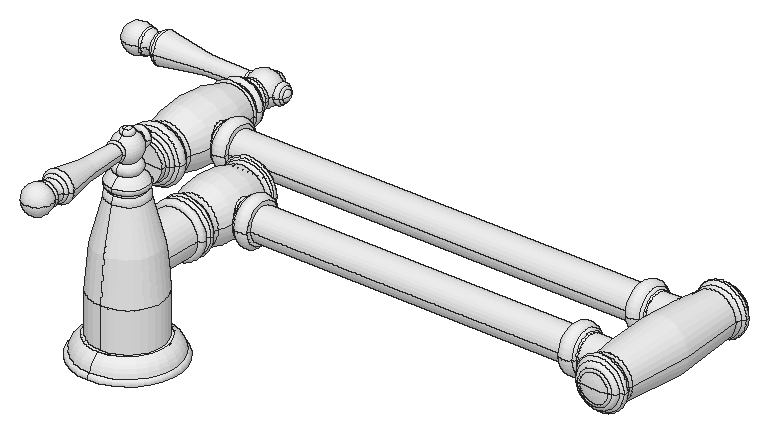
Revit family "Pot_Filler-DXV-Traditional-D35402900_Series", category Plumbing Fixtures, host Face, Revit 2014
Parameters (values of type "D35402900.100")
  Width = 15 7/8"  # constant formula
  Waste Connection = no
  Warranty Documentation Link = "https://www.dxv.com/-/media/files/dxv/warranty/dxv_warranty_booklet.ashx"
  WFU = 0
  Vent Connection = no
  URL = "http://www.dxv.com/"
  Type Comments = ""
  Product Page URL = "https://www.dxv.com/product/traditional-pot-filler-kitchen-faucet-by-dxv"
  Product Documentation Link = "https://dxv01.blob.core.windows.net/dxv-product-pdf-files/spec_D35402900_DXV_Traditional_potfiller_EN.pdf"
  Price = "Prices may vary. Please consult Manufacturer Representative for most up-to-date price list."  # constant formula
  Model = "D35402900.100"
  Material = "Metal-DXV-100-Polished Chrome"
  Manufacturer = "DVX"
  Length = 4 1/2"  # constant formula
  Installation Type = "Wall Mounted"  # constant formula
  Height = 6 3/4"  # constant formula
  HWFU = 0
  HW Connection = no
  Flow Rate = "3.0 GPM (11.4L/min)"  # constant formula
  Finish = Metal-DXV-100-Polished Chrome
  Description = "Traditional Pot Filler"  # constant formula
  Default Elevation = 40"
  Creation Date = "10/02/2014"  # constant formula
  Cold Water Connection Radius = 1/4"
  Cold Water Connection Diameter = Cold Water Connection Radius * 2  # 1/2"
  CWFU = 3
  CW Connection = yes
  Assembly Code = "D2020300"
Types (2): name | Model | Material | Finish
  D35402900.355 | "D35402900.355" | "Metal-DXV-355-Ultra Steel" | Metal-DXV-355-Ultra Steel
  D35402900.100 | "D35402900.100" | "Metal-DXV-100-Polished Chrome" | Metal-DXV-100-Polished Chrome
Reference planes (in)
  plane 1 "Center (Front/Back)": y = 0
  plane 2: z = 0
  plane 3 "Center (Left/Right)": x = 0
  plane 4 "Finished Floor": y = -40
  plane 5: y = -1.1875
  plane 6: y = 1.1875
  plane 7: z = 4.5
  plane 8: z = 2
  plane 9: y = 2.6875
  plane 10: y = 4.6875
  plane 11: x = 9.75
  plane 12: y = 3.125
  plane 13: y = 6.75
  plane 14: x = -5.47326
  plane 15: x = -2.125
  plane 16: x = 10.40174
Forms (in)
  Extrusion 1, solid, material "Metal-DXV-100-Polished Chrome" <- "Finish"
    sketch origin (0, 0, 0) x (1, 0, 0) y (0, 1, 0)
      loop
        circle (0, 0) r 0.25
    from 0 to 0.01563
  Revolve 2, solid, material "Metal-DXV-100-Polished Chrome" <- "Finish"
    sketch origin (0, 0, 0) x (0, 1, 0) y (0, 0, 1)
      loop
        line (-1.1875, 0) -> (0, 0) -> (0, 4.88532)
        arc (0, 4.88532) -> (-0.04488, 4.87405) -> (-0.07912, 4.84292) r 0.09501
        arc (-0.07912, 4.84292) -> (-0.13253, 4.81291) -> (-0.14246, 4.75246) r 0.0707
        arc (-0.14246, 4.75246) -> (-0.32827, 4.48529) -> (-0.19416, 4.18879) r 0.32964
        arc (-0.19416, 4.18879) -> (-0.3142, 4.09317) -> (-0.26307, 3.94847) r 0.13226
        arc (-0.26307, 3.94847) -> (-0.37342, 3.86155) -> (-0.45501, 3.7472) r 0.49664
        arc (-0.45501, 3.7472) -> (-0.4631, 3.69305) -> (-0.43634, 3.64528) r 0.08461
        arc (-0.43634, 3.64528) -> (-0.41454, 3.61596) -> (-0.40593, 3.58045) r 0.09161
        arc (-0.40593, 3.58045) -> (-0.45018, 3.49848) -> (-0.45285, 3.40536) r 0.20162
        arc (-0.45285, 3.40536) -> (-0.71645, 2.42159) -> (-0.80522, 1.407) r 5.84281
        line (-0.80522, 1.407) -> (-0.80522, 0.46426) -> (-0.87725, 0.46426)
        arc (-0.87725, 0.46426) -> (-1.03943, 0.32178) -> (-1.11785, 0.12064) r 0.45572
        arc (-1.11785, 0.12064) -> (-1.1778, 0.07483) -> (-1.1875, 0) r 0.0981
      axis (0, 0) -> (0, 4.88532)
    angle from 0 to 360
  Revolve 3, solid, material "Metal-DXV-100-Polished Chrome" <- "Finish"
    sketch origin (0, 0, 2) x (1, 0, 0) y (0, 1, 0)
      loop
        line (9.75, 5.7658) -> (9.75, 1.61924)
        arc (9.75, 1.61924) -> (9.91819, 1.63063) -> (10.08331, 1.66461) r 1.24712
        arc (10.08331, 1.66461) -> (10.11901, 1.66563) -> (10.14702, 1.68779) r 0.05668
        arc (10.14702, 1.68779) -> (10.21821, 1.71728) -> (10.2477, 1.78848) r 0.10069
        arc (10.2477, 1.78848) -> (10.28264, 1.82511) -> (10.32408, 1.85417) r 0.25675
        arc (10.32408, 1.85417) -> (10.34799, 1.88508) -> (10.34252, 1.92377) r 0.05023
        arc (10.34252, 1.92377) -> (10.31558, 1.97206) -> (10.29172, 2.02195) r 0.88281
        arc (10.29172, 2.02195) -> (10.27272, 2.08964) -> (10.27331, 2.15995) r 0.25
        arc (10.27331, 2.15995) -> (10.38814, 3.69252) -> (10.27331, 5.22509) r 10.28492
        arc (10.27331, 5.22509) -> (10.27272, 5.2954) -> (10.29172, 5.3631) r 0.25
        arc (10.29172, 5.3631) -> (10.31558, 5.41298) -> (10.34252, 5.46127) r 0.88281
        arc (10.34252, 5.46127) -> (10.34799, 5.49996) -> (10.32408, 5.53087) r 0.05023
        arc (10.32408, 5.53087) -> (10.28264, 5.55993) -> (10.2477, 5.59657) r 0.25675
        arc (10.2477, 5.59657) -> (10.21821, 5.66776) -> (10.14702, 5.69725) r 0.10069
        arc (10.14702, 5.69725) -> (10.11901, 5.71942) -> (10.08331, 5.72044) r 0.05668
        arc (10.08331, 5.72044) -> (9.91819, 5.75441) -> (9.75, 5.7658) r 1.24712
      axis (9.75, 1.61924) -> (9.75, 5.7658)
    angle from 0 to 360
  Revolve 4, solid, material "Metal-DXV-100-Polished Chrome" <- "Finish"
    sketch origin (0.73599, -0.65937, 2) x (1, 0, 0) y (0, 1, 0)
      loop
        line (-2.86099, 3.78437) -> (-2.42045, 3.78437) -> (-2.42045, 3.89205)
        arc (-2.42045, 3.89205) -> (-2.39115, 3.93009) -> (-2.38915, 3.97805) r 0.07936
        arc (-2.38915, 3.97805) -> (-2.32882, 3.97803) -> (-2.32884, 4.03836) r 0.04265
        arc (-2.32884, 4.03836) -> (-2.28458, 4.05938) -> (-2.24642, 4.0901) r 0.20954
        arc (-2.24642, 4.0901) -> (-2.2087, 4.17843) -> (-2.2408, 4.26895) r 0.13205
        arc (-2.2408, 4.26895) -> (-2.27804, 4.3175) -> (-2.30936, 4.37008) r 0.52259
        arc (-2.30936, 4.37008) -> (-2.32775, 4.43425) -> (-2.31976, 4.50052) r 0.1684
        arc (-2.31976, 4.50052) -> (-2.1714, 5.4536) -> (-2.33994, 6.40331) r 2.93569
        arc (-2.33994, 6.40331) -> (-2.31076, 6.42876) -> (-2.32844, 6.46321) r 0.03142
        arc (-2.32844, 6.46321) -> (-2.38778, 6.51371) -> (-2.41238, 6.58765) r 0.14486
        arc (-2.41238, 6.58765) -> (-2.36008, 6.63543) -> (-2.35014, 6.70557) r 0.10478
        arc (-2.35014, 6.70557) -> (-2.36357, 6.73656) -> (-2.38826, 6.75961) r 0.08289
        arc (-2.38826, 6.75961) -> (-2.47395, 6.8286) -> (-2.53872, 6.91753) r 0.41869
        arc (-2.53872, 6.91753) -> (-2.5341, 6.95989) -> (-2.51422, 6.99757) r 0.11365
        arc (-2.51422, 6.99757) -> (-2.50498, 7.02577) -> (-2.5165, 7.05312) r 0.04239
        arc (-2.5165, 7.05312) -> (-2.53599, 7.07099) -> (-2.55787, 7.08584) r 0.18193
        line (-2.55787, 7.08584) -> (-2.61089, 7.11645)
        arc (-2.61089, 7.11645) -> (-2.48381, 7.40937) -> (-2.65982, 7.67577) r 0.33509
        arc (-2.65982, 7.67577) -> (-2.71874, 7.81802) -> (-2.86099, 7.87693) r 0.20116
        line (-2.86099, 7.87693) -> (-2.86099, 3.78437)
      axis (-2.86099, 3.78437) -> (-2.86099, 7.87693)
    angle from 0 to 360
  Revolve 5, solid, material "Metal-DXV-100-Polished Chrome" <- "Finish"
    sketch origin (2.63017, -2, 2) x (1, 0, 0) y (0, 1, 0)
      loop
        line (-1.56583, 5.06521) -> (-1.56583, 5.14796)
        arc (-1.56583, 5.14796) -> (-1.72444, 5.23281) -> (-1.88306, 5.14796) r 0.19068
        arc (-1.88306, 5.14796) -> (-1.92101, 5.13652) -> (-1.94631, 5.106) r 0.06866
        arc (-1.94631, 5.106) -> (-1.9624, 5.08659) -> (-1.98654, 5.07931) r 0.04366
        line (-1.98654, 5.07931) -> (-2.63017, 5.07931) -> (-2.63017, 4.6875) -> (7.11983, 4.6875) -> (7.11983, 5.07931) -> (6.2386, 5.07931)
        arc (6.2386, 5.07931) -> (6.21664, 5.08611) -> (6.20236, 5.10413) r 0.03887
        arc (6.20236, 5.10413) -> (6.17713, 5.13595) -> (6.13834, 5.14796) r 0.06866
        arc (6.13834, 5.14796) -> (5.97973, 5.23281) -> (5.82111, 5.14796) r 0.19068
        line (5.82111, 5.14796) -> (5.82111, 5.06521) -> (-1.56583, 5.06521)
      axis (-2.63017, 4.6875) -> (7.11983, 4.6875)
    angle from 0 to 360
  Revolve 6, solid, material "Metal-DXV-100-Polished Chrome" <- "Finish"
    sketch origin (0, -0.04688, 4.5) x (1, 0, 0) y (0, 1, 0)
      loop
        arc (-0.14558, -0.28826) -> (-0.20902, -0.28666) -> (-0.17815, -0.34211) r 0.03654
        arc (-0.17815, -0.34211) -> (-0.2189, -1.17149) -> (-0.35148, -1.99123) r 7.46643
        arc (-0.35148, -1.99123) -> (-0.33991, -2.04657) -> (-0.29085, -2.07468) r 0.06899
        arc (-0.29085, -2.07468) -> (-0.2827, -2.12626) -> (-0.24327, -2.16052) r 0.0763
        arc (-0.24327, -2.16052) -> (-0.22239, -2.26435) -> (-0.26777, -2.36006) r 0.16804
        arc (-0.26777, -2.36006) -> (-0.27683, -2.39538) -> (-0.25132, -2.42145) r 0.03718
        arc (-0.25132, -2.42145) -> (-0.29102, -2.76311) -> (0, -2.94644) r 0.32265
        line (0, -2.94644) -> (0, 0.62044)
        arc (0, 0.62044) -> (-0.07521, 0.60231) -> (-0.13287, 0.55072) r 0.15841
        arc (-0.13287, 0.55072) -> (-0.1647, 0.53516) -> (-0.1745, 0.50111) r 0.04366
        arc (-0.1745, 0.50111) -> (-0.22223, 0.42412) -> (-0.14558, 0.37585) r 0.06428
        line (-0.14558, 0.37585) -> (-0.14558, -0.28826)
      axis (0, 0.62044) -> (0, -2.94644)
    angle from 0 to 360
  Revolve 7, solid, material "Metal-DXV-100-Polished Chrome" <- "Finish"
    sketch origin (-2.17187, 6.75, 2) x (0, -1, 0) y (1, 0, 0)
      loop
        arc (-0.14558, -0.28826) -> (-0.20601, -0.28242) -> (-0.18841, -0.34052) r 0.03654
        arc (-0.18841, -0.34052) -> (-0.20283, -1.34324) -> (-0.35148, -2.33498) r 7.46643
        arc (-0.35148, -2.33498) -> (-0.33991, -2.39032) -> (-0.29085, -2.41843) r 0.06899
        arc (-0.29085, -2.41843) -> (-0.2827, -2.47001) -> (-0.24327, -2.50427) r 0.0763
        arc (-0.24327, -2.50427) -> (-0.22239, -2.6081) -> (-0.26777, -2.70381) r 0.16804
        arc (-0.26777, -2.70381) -> (-0.27683, -2.73913) -> (-0.25132, -2.7652) r 0.03718
        arc (-0.25132, -2.7652) -> (-0.29102, -3.10686) -> (0, -3.29019) r 0.32265
        line (0, -3.29019) -> (0, 0.62044)
        arc (0, 0.62044) -> (-0.07521, 0.60231) -> (-0.13287, 0.55072) r 0.15841
        arc (-0.13287, 0.55072) -> (-0.1647, 0.53516) -> (-0.1745, 0.50111) r 0.04366
        arc (-0.1745, 0.50111) -> (-0.22223, 0.42412) -> (-0.14558, 0.37585) r 0.06428
        line (-0.14558, 0.37585) -> (-0.14558, -0.28826)
      axis (0, 0.62044) -> (0, -3.29019)
    angle from 0 to 360
  Revolve 8, solid, material "Metal-DXV-100-Polished Chrome" <- "Finish"
    sketch origin (0, 0, 2) x (1, 0, 0) y (0, 1, 0)
      loop
        line (0, 0.3985) -> (0, 3.86914)
        arc (0, 3.86914) -> (-0.18662, 3.86104) -> (-0.37168, 3.83565) r 2.00948
        arc (-0.37168, 3.83565) -> (-0.40677, 3.82287) -> (-0.43079, 3.79427) r 0.0722
        arc (-0.43079, 3.79427) -> (-0.48785, 3.77063) -> (-0.51148, 3.71357) r 0.0807
        arc (-0.51148, 3.71357) -> (-0.57331, 3.69089) -> (-0.62287, 3.64754) r 0.18036
        arc (-0.62287, 3.64754) -> (-0.63503, 3.6073) -> (-0.61652, 3.56957) r 0.05739
        arc (-0.61652, 3.56957) -> (-0.59801, 3.55093) -> (-0.58145, 3.53054) r 0.26467
        arc (-0.58145, 3.53054) -> (-0.55511, 3.46593) -> (-0.56233, 3.39653) r 0.14361
        arc (-0.56233, 3.39653) -> (-0.68771, 2.69148) -> (-0.56655, 1.98569) r 2.07998
        arc (-0.56655, 1.98569) -> (-0.55646, 1.89888) -> (-0.5855, 1.81646) r 0.19395
        arc (-0.5855, 1.81646) -> (-0.60501, 1.78884) -> (-0.62715, 1.76328) r 0.34327
        arc (-0.62715, 1.76328) -> (-0.63929, 1.72737) -> (-0.61954, 1.69501) r 0.04478
        arc (-0.61954, 1.69501) -> (-0.58062, 1.65229) -> (-0.56652, 1.59623) r 0.11853
        arc (-0.56652, 1.59623) -> (-0.63625, 1.48614) -> (-0.53307, 1.40654) r 0.09673
        line (-0.53307, 1.40654) -> (-0.53307, 0.3985) -> (0, 0.3985)
      axis (0, 3.86914) -> (0, 0.3985)
    angle from 0 to 360
  Revolve 9, solid, material "Metal-DXV-100-Polished Chrome" <- "Finish"
    sketch origin (0.50517, 0, 2) x (1, 0, 0) y (0, 1, 0)
      loop
        line (-1.56583, 5.06521) -> (-1.56583, 5.14796)
        arc (-1.56583, 5.14796) -> (-1.72444, 5.23281) -> (-1.88306, 5.14796) r 0.19068
        arc (-1.88306, 5.14796) -> (-1.92101, 5.13652) -> (-1.94631, 5.106) r 0.06866
        arc (-1.94631, 5.106) -> (-1.9624, 5.08659) -> (-1.98654, 5.07931) r 0.04366
        line (-1.98654, 5.07931) -> (-2.63017, 5.07931) -> (-2.63017, 4.6875) -> (9.24483, 4.6875) -> (9.24483, 5.07931) -> (8.3636, 5.07931)
        arc (8.3636, 5.07931) -> (8.34164, 5.08611) -> (8.32736, 5.10413) r 0.03887
        arc (8.32736, 5.10413) -> (8.30213, 5.13595) -> (8.26334, 5.14796) r 0.06866
        arc (8.26334, 5.14796) -> (8.10473, 5.23281) -> (7.94611, 5.14796) r 0.19068
        line (7.94611, 5.14796) -> (7.94611, 5.06521) -> (-1.56583, 5.06521)
      axis (-2.63017, 4.6875) -> (9.24483, 4.6875)
    angle from 0 to 360
Cuts and joins
  joined: Revolve 2, Revolve 3, Revolve 4, Revolve 5, Revolve 6, Revolve 8, Revolve 9
Lines and regions (in)
  Masking region 1
    outline origin (0, 0, 0) x (1, 0, 0) y (0, 0, 1)
      loop
        arc (-2.86045, 1.81854) -> (-2.24211, 1.2516) -> (-1.48013, 1.60255) r 0.75751
        arc (-1.48013, 1.60255) -> (-1.4364, 1.55906) -> (-1.37789, 1.53954) r 0.13507
        arc (-1.37789, 1.53954) -> (-1.21927, 1.45668) -> (-1.06066, 1.53954) r 0.19324
        line (-1.06066, 1.53954) -> (-1.06066, 1.62229) -> (-0.83361, 1.62229) -> (-0.83361, 0.50818)
        arc (-0.83361, 0.50818) -> (-0.97081, 0.37222) -> (-1.01995, 0.18542) r 0.36694
        arc (-1.01995, 0.18542) -> (-1.12862, 0.10866) -> (-1.20537, 0) r 0.39221
        line (-1.20537, 0) -> (0, 0) -> (1.20537, 0)
        arc (1.20537, 0) -> (1.12862, 0.10866) -> (1.01995, 0.18542) r 0.39221
        arc (1.01995, 0.18542) -> (0.97081, 0.37222) -> (0.83361, 0.50818) r 0.36694
        line (0.83361, 0.50818) -> (0.83361, 1.43339)
        arc (0.83361, 1.43339) -> (0.96293, 1.42783) -> (1.06434, 1.50829) r 0.18529
        line (1.06434, 1.50829) -> (1.06434, 1.62486) -> (8.46586, 1.62486) -> (8.46586, 1.52164)
        arc (8.46586, 1.52164) -> (8.62802, 1.45917) -> (8.77586, 1.55049) r 0.19551
        arc (8.77586, 1.55049) -> (8.8333, 1.56953) -> (8.85781, 1.62486) r 0.07472
        line (8.85781, 1.62486) -> (9.21705, 1.62486)
        arc (9.21705, 1.62486) -> (10.40174, 2) -> (9.21705, 2.37514) r 0.65174
        line (9.21705, 2.37514) -> (8.85781, 2.37514)
        arc (8.85781, 2.37514) -> (8.8333, 2.43047) -> (8.77586, 2.44951) r 0.07472
        arc (8.77586, 2.44951) -> (8.62802, 2.54083) -> (8.46586, 2.47836) r 0.19551
        line (8.46586, 2.47836) -> (8.46586, 2.37514) -> (1.06434, 2.37514) -> (1.06434, 2.49171)
        arc (1.06434, 2.49171) -> (0.96044, 2.57114) -> (0.82989, 2.56328) r 0.18741
        arc (0.82989, 2.56328) -> (0.75158, 3.00658) -> (0.58268, 3.42385) r 2.15015
        line (0.58268, 3.42385) -> (0.53997, 3.60943)
        arc (0.53997, 3.60943) -> (0.57649, 3.69953) -> (0.53997, 3.78962) r 0.1294
        line (0.53997, 3.78962) -> (0.38571, 3.94388)
        arc (0.38571, 3.94388) -> (0.35887, 4.06922) -> (0.27555, 4.16663) r 0.26081
        arc (0.27555, 4.16663) -> (0.31915, 4.18469) -> (0.33721, 4.22829) r 0.06166
        line (0.33721, 4.22829) -> (0.33721, 4.73162) -> (0.27222, 4.73162) -> (0.27222, 4.83453) -> (0.15848, 4.83453) -> (0.15848, 4.91577) -> (0, 4.91577) -> (-0.15848, 4.91577) -> (-0.15848, 4.83453) -> (-0.27222, 4.83453) -> (-0.27222, 4.73162) -> (-0.33721, 4.73162) -> (-0.33721, 4.22829)
        arc (-0.33721, 4.22829) -> (-0.31915, 4.18469) -> (-0.27555, 4.16663) r 0.06166
        arc (-0.27555, 4.16663) -> (-0.35887, 4.06922) -> (-0.38571, 3.94388) r 0.26081
        line (-0.38571, 3.94388) -> (-0.53997, 3.78962)
        arc (-0.53997, 3.78962) -> (-0.57649, 3.69953) -> (-0.53997, 3.60943) r 0.1294
        line (-0.53997, 3.60943) -> (-0.58268, 3.42385)
        arc (-0.58268, 3.42385) -> (-0.77528, 2.91681) -> (-0.83487, 2.37771) r 2.15015
        line (-0.83487, 2.37771) -> (-1.06066, 2.37771) -> (-1.06066, 2.46046)
        arc (-1.06066, 2.46046) -> (-1.21927, 2.54332) -> (-1.37789, 2.46046) r 0.19324
        arc (-1.37789, 2.46046) -> (-1.4364, 2.44094) -> (-1.48013, 2.39745) r 0.13507
        arc (-1.48013, 2.39745) -> (-2.24211, 2.7484) -> (-2.86045, 2.18146) r 0.75751
        arc (-2.86045, 2.18146) -> (-3.69216, 2.22413) -> (-4.51539, 2.35003) r 8.29043
        arc (-4.51539, 2.35003) -> (-4.56661, 2.33786) -> (-4.5903, 2.29085) r 0.06242
        arc (-4.5903, 2.29085) -> (-4.64314, 2.28496) -> (-4.67614, 2.24327) r 0.06908
        arc (-4.67614, 2.24327) -> (-4.7799, 2.22362) -> (-4.87582, 2.26779) r 0.17344
        arc (-4.87582, 2.26779) -> (-4.91097, 2.27636) -> (-4.93708, 2.25132) r 0.0376
        arc (-4.93708, 2.25132) -> (-5.4624, 2) -> (-4.93708, 1.74868) r 0.32278
        arc (-4.93708, 1.74868) -> (-4.91097, 1.72364) -> (-4.87582, 1.73221) r 0.0376
        arc (-4.87582, 1.73221) -> (-4.7799, 1.77638) -> (-4.67614, 1.75673) r 0.17344
        arc (-4.67614, 1.75673) -> (-4.64314, 1.71504) -> (-4.5903, 1.70915) r 0.06908
        arc (-4.5903, 1.70915) -> (-4.56661, 1.66214) -> (-4.51539, 1.64997) r 0.06242
        arc (-4.51539, 1.64997) -> (-3.69216, 1.77587) -> (-2.86045, 1.81854) r 8.29043
  symbolic lines, detail levels fine
    curve 1: line (8.46586, 0, 2.37514) -> (8.46586, 0, 1.62486)
    curve 2: circle (9.75, 0, 2) r 0.4501 normal (0, 1, 0)
    curve 3: circle (9.75, 0, 2) r 0.50822 normal (0, -1, 0)
    curve 4: arc (0.44771, 0, 2.37159) -> (0.58183, 0, 1.99768) -> (0.44474, 0, 1.62486) r 0.58183
    curve 5: line (1.01996, 0, 0.18661) -> (-1.01996, 0, 0.18661)
    curve 6: line (0.83361, 0, 0.50818) -> (-0.83361, 0, 0.50818)
    curve 7: circle (-2.125, 0, 2) r 0.20116 normal (0, -1, 0)
    curve 8: line (-1.7225, 0, 2.18871) -> (-1.7225, 0, 1.81127)
    curve 9: line (-1.59261, 0, 1.88163) -> (-1.59261, 0, 2.11837)
    curve 10: line (-1.52302, 0, 1.92947) -> (-1.52302, 0, 2.07051)
    curve 11: arc (-1.65165, 0, 1.79667) -> (-2.13859, 0, 1.48501) -> (-2.60841, 0, 1.82192) r 0.51517
    curve 21: circle (-2.125, 0, 2) r 0.2501 normal (0, -1, 0)
    curve 22: arc (-1.78299, 0, 1.81127) -> (-2.12883, 0, 1.60939) -> (-2.47064, 0, 1.81801) r 0.39063
    curve 23: arc (-2.47064, 0, 2.18199) -> (-2.12882, 0, 2.39061) -> (-1.78298, 0, 2.18871) r 0.39063
    curve 24: arc (-1.6513, 0, 2.20251) -> (-2.1369, 0, 2.51503) -> (-2.60755, 0, 2.18042) r 0.51517
    curve 26: circle (0, 0, 2) r 0.37992 normal (0, 1, 0)
    curve 27: line (0.53997, 0, 3.60943) -> (-0.53997, 0, 3.60943)
    curve 28: line (-0.53997, 0, 3.78962) -> (0.53997, 0, 3.78962)
    curve 29: line (0.38571, 0, 3.94388) -> (-0.38571, 0, 3.94388)
    curve 30: circle (0, 0, 4.5) r 0.07134 normal (0, -1, 0)
    curve 31: circle (0, 0, 4.5) r 0.15457 normal (0, -1, 0)
    curve 33: line (0.27555, 0, 4.16663) -> (-0.27555, 0, 4.16663)
    curve 40: arc (-1.78298, 0, 2.18871) -> (-1.81411, 0, 1.99999) -> (-1.78298, 0, 1.81127) r 0.58765
    curve 41: arc (-2.47064, 0, 2.18199) -> (-2.42734, 0, 2) -> (-2.47064, 0, 1.81801) r 0.40405
    curve 42: line (-4.5903, 0, 1.70915) -> (-4.5903, 0, 2.29085)
    curve 43: line (-4.67614, 0, 1.75673) -> (-4.67614, 0, 2.24327)
    curve 44: line (-4.93708, 0, 2.25132) -> (-4.93708, 0, 1.74868)
    curve 47: line (8.85781, 0, 2.37514) -> (8.85781, 0, 1.62486)
    curve 48: line (-1.06066, 0, 2.37771) -> (-1.06066, 0, 1.62229)
    curve 49: arc (-1.48013, 0, 2.39745) -> (-1.3769, 0, 2) -> (-1.48013, 0, 1.60255) r 0.81669
    curve 50: line (1.06434, 0, 2.37514) -> (1.06434, 0, 1.62486)
    curve 57: line (0.6572, 0, 1.62486) -> (0.6572, 0, 2.37514)
  symbolic lines, detail levels medium+fine
    curve 12: arc (-1.56587, 0, 1.88163) -> (-2.09428, 0, 1.4293) -> (-2.66819, 0, 1.82228) r 0.57153
    curve 13: line (-0.83361, 0, 2.47142) -> (-0.83361, 0, 1.53538)
    curve 14: arc (-1.52302, 0, 1.92947) -> (-1.4525, 0, 1.99999) -> (-1.52302, 0, 2.07051) r 0.07052
    curve 15: line (-1.52302, 0, 2.11837) -> (-1.59261, 0, 2.11837)
    curve 16: line (-1.52302, 0, 1.88163) -> (-1.59261, 0, 1.88163)
    curve 17: line (-1.78298, 0, 2.18871) -> (-1.7225, 0, 2.18871)
    curve 18: line (-1.78299, 0, 1.81127) -> (-1.7225, 0, 1.81127)
    curve 19: arc (-1.59261, 0, 2.15457) -> (-1.64955, 0, 2.20207) -> (-1.7225, 0, 2.18871) r 0.08739
    curve 20: arc (-1.59261, 0, 1.84543) -> (-1.64937, 0, 1.79724) -> (-1.7225, 0, 1.81127) r 0.08617
    curve 25: arc (-1.56587, 0, 2.11837) -> (-2.09294, 0, 2.57063) -> (-2.66735, 0, 2.18026) r 0.57153
    curve 32: circle (0, 0, 4.5) r 0.25703 normal (0, 1, 0)
    curve 34: line (0.6572, 0, 2.37514) -> (0.44474, 0, 2.37514)
    curve 35: arc (9.21705, 0, 2.37514) -> (9.10716, 0, 2) -> (9.21705, 0, 1.62486) r 0.69529
    curve 36: line (-1.52302, 0, 2.07051) -> (-1.52302, 0, 2.11837)
    curve 37: line (-1.52302, 0, 1.88163) -> (-1.52302, 0, 1.92947)
    curve 38: line (-1.59261, 0, 1.84543) -> (-1.59261, 0, 1.88163)
    curve 39: line (-1.59261, 0, 2.11837) -> (-1.59261, 0, 2.15457)
    curve 45: arc (-2.47064, 0, 2.18199) -> (-2.66548, 0, 2.18026) -> (-2.86032, 0, 2.18199) r 11.01939
    curve 46: arc (-2.47064, 0, 1.81801) -> (-2.66548, 0, 1.82228) -> (-2.86032, 0, 1.81801) r 4.4462
    curve 51: arc (0.6572, 0, 2.37514) -> (0.6987, 0, 2.42355) -> (0.74711, 0, 2.46506) r 0.41654
    curve 52: arc (0.74711, 0, 2.46506) -> (0.7784, 0, 2.52268) -> (0.82989, 0, 2.56328) r 0.16269
    curve 53: line (0.6572, 0, 1.62486) -> (0.44474, 0, 1.62486)
    curve 54: arc (0.6572, 0, 1.62486) -> (0.6987, 0, 1.57645) -> (0.74711, 0, 1.53494) r 0.41654
    curve 55: arc (0.74711, 0, 1.53494) -> (0.7784, 0, 1.47732) -> (0.82989, 0, 1.43672) r 0.16269
    curve 56: arc (0.44474, 0, 1.62486) -> (-0.58183, 0, 2.00232) -> (0.44771, 0, 2.37159) r 0.58183
Dimensions and locks (in)
  "Default Elevation": plane 4 "Finished Floor" to plane 1 "Center (Front/Back)"
  plane 6 to plane 5 = 2 3/8"
  locked: plane 7 to host face at 4.5
  plane 8 to host face = 2"
  plane 3 "Center (Left/Right)" to plane 11 = 9 3/4"
  plane 1 "Center (Front/Back)" to plane 12 = 3 1/8"
  plane 10 to plane 9 = 2"
  plane 15 to plane 11 = 11 7/8"
  aligned and locked: plane 2 to host face
  aligned and locked: level to host face
  aligned and locked: plane 1 "Center (Front/Back)" to Extrusion 1 sketch curve
  aligned and locked: plane 3 "Center (Left/Right)" to Extrusion 1 sketch curve
Automatic sketch dimensions
  host sketch curve to host sketch curve = 96"  (x2)
  Revolve 2 sketch curve to level = 0"
  Revolve 2 sketch curve to plane 5 = 0"
  Revolve 2 sketch curve to plane 1 "Center (Front/Back)" = 0"  (x3)
  Revolve 2 sketch curve to plane 5 = 0.09465"
  Revolve 2 sketch curve to plane 5 = 0.31025"
  Revolve 2 sketch curve to plane 5 = 0.38228"
  level to Revolve 2 sketch curve = 0.06038"
  Revolve 2 sketch curve to Revolve 2 sketch curve = 0.13909"
  plane 1 "Center (Front/Back)" to Revolve 2 sketch curve = 0.49748"
  Revolve 2 sketch curve to Revolve 2 sketch curve = 0.1176"
  plane 1 "Center (Front/Back)" to Revolve 2 sketch curve = 0.25543"
  plane 1 "Center (Front/Back)" to Revolve 2 sketch curve = 0.18706"
  plane 1 "Center (Front/Back)" to Revolve 2 sketch curve = 0.07461"
  plane 1 "Center (Front/Back)" to Revolve 2 sketch curve = 0.01401"
  plane 10 to Revolve 2 sketch curve = 0.35009"
  level to Revolve 2 sketch curve = 0.02578"
  Revolve 2 sketch curve to Revolve 2 sketch curve = 0.40387"
  Revolve 2 sketch curve to plane 8 = 0.593"
  Revolve 2 sketch curve to plane 7 = 1.05371"
  Revolve 2 sketch curve to Revolve 2 sketch curve = 0.07251"
  Revolve 2 sketch curve to Revolve 2 sketch curve = 0.13076"
  Revolve 2 sketch curve to Revolve 2 sketch curve = 0.13124"
  Revolve 2 sketch curve to Revolve 2 sketch curve = 0.34843"
  Revolve 2 sketch curve to plane 7 = 0.04481"
  plane 7 to Revolve 2 sketch curve = 0.27236"
  Revolve 2 sketch curve to Revolve 2 sketch curve = 0.01796"
  Revolve 2 sketch curve to Revolve 2 sketch curve = 0.09501"
  Revolve 2 sketch curve to Revolve 2 sketch curve = 0.07513"
  Revolve 2 sketch curve to Revolve 2 sketch curve = 0"  (x2)
  Revolve 2 sketch curve to Revolve 2 sketch curve = 0.04463"
  Revolve 2 sketch curve to Revolve 2 sketch curve = 0.07601"
  Revolve 2 sketch curve to Revolve 2 sketch curve = 0.0071"
  Revolve 2 sketch curve to Revolve 2 sketch curve = 0.06785"
  Revolve 2 sketch curve to Revolve 2 sketch curve = 0.03044"
  Revolve 2 sketch curve to Revolve 2 sketch curve = 1/4"
  Revolve 3 sketch curve to plane 11 = 0"  (x2)
  plane 3 "Center (Left/Right)" to Revolve 3 sketch curve = 0.10322"
  Revolve 3 sketch curve to plane 16 = 0.30211"  (x2)
  Revolve 3 sketch curve to Revolve 3 sketch curve = 0.04739"  (x2)
  Revolve 3 sketch curve to plane 16 = 0.10231"  (x2)
  plane 16 to Revolve 3 sketch curve = 0.04832"  (x2)
  plane 16 to Revolve 3 sketch curve = 0.11878"  (x2)
  Revolve 3 sketch curve to plane 9 = 0.30976"
  Revolve 3 sketch curve to Revolve 3 sketch curve = 0.57914"  (x2)
  plane 10 to Revolve 3 sketch curve = 0.3198"
  Revolve 3 sketch curve to plane 9 = 0.5648"
  Revolve 3 sketch curve to Revolve 3 sketch curve = 0.22476"  (x2)
  Revolve 3 sketch curve to Revolve 3 sketch curve = 0.10947"  (x2)
  Revolve 3 sketch curve to Revolve 3 sketch curve = 0.06959"  (x2)
  Revolve 3 sketch curve to Revolve 3 sketch curve = 0.15802"  (x2)
  Revolve 3 sketch curve to Revolve 3 sketch curve = 0.09965"  (x2)
  plane 9 to Revolve 3 sketch curve = 0.17885"
  plane 12 to Revolve 3 sketch curve = 0.56752"
  Revolve 3 sketch curve to plane 10 = 0.16881"
  plane 10 to Revolve 3 sketch curve = 0.57484"
  Revolve 3 sketch curve to Revolve 3 sketch curve = 0.01631"  (x2)
  Revolve 3 sketch curve to plane 16 = 0.12843"
  Revolve 3 sketch curve to Revolve 3 sketch curve = 0"  (x7)
  Revolve 3 sketch curve to Revolve 3 sketch curve = 1/4"
  Revolve 4 sketch curve to plane 15 = 0"  (x2)
  Revolve 4 sketch curve to plane 12 = 0"
  plane 10 to Revolve 4 sketch curve = 0.07559"
  plane 14 to Revolve 4 sketch curve = 1.10232"
  plane 15 to Revolve 4 sketch curve = 0.04336"
  plane 15 to Revolve 4 sketch curve = 0.21215"
  Revolve 4 sketch curve to Revolve 4 sketch curve = 0.03795"
  Revolve 4 sketch curve to Revolve 4 sketch curve = 0.05302"
  Revolve 4 sketch curve to Revolve 4 sketch curve = 0.01054"
  plane 12 to Revolve 4 sketch curve = 0.17286"
  plane 15 to Revolve 4 sketch curve = 0.39525"
  Revolve 4 sketch curve to Revolve 4 sketch curve = 0.1961"
  Revolve 4 sketch curve to Revolve 4 sketch curve = 0.02143"
  Revolve 4 sketch curve to Revolve 4 sketch curve = 0.1219"
  Revolve 4 sketch curve to Revolve 4 sketch curve = 0.04529"
  Revolve 4 sketch curve to Revolve 4 sketch curve = 0.06973"
  Revolve 4 sketch curve to Revolve 4 sketch curve = 0.10676"
  Revolve 4 sketch curve to Revolve 4 sketch curve = 0.08968"
  Revolve 4 sketch curve to Revolve 4 sketch curve = 0.05531"
  Revolve 4 sketch curve to Revolve 4 sketch curve = 0.07393"
  Revolve 4 sketch curve to Revolve 4 sketch curve = 0.25461"
  Revolve 4 sketch curve to Revolve 4 sketch curve = 0.23613"
  Revolve 4 sketch curve to Revolve 4 sketch curve = 0.31439"
  Revolve 4 sketch curve to Revolve 4 sketch curve = 0.06518"
  Revolve 4 sketch curve to Revolve 4 sketch curve = 0.05096"
  Revolve 4 sketch curve to Revolve 4 sketch curve = 0.17439"
  Revolve 4 sketch curve to Revolve 4 sketch curve = 0.05426"
  Revolve 4 sketch curve to Revolve 4 sketch curve = 0.21079"
  Revolve 4 sketch curve to Revolve 4 sketch curve = 0.16311"
  Revolve 4 sketch curve to plane 13 = 0.97468"
  Revolve 4 sketch curve to Revolve 4 sketch curve = 0.16003"
  Revolve 4 sketch curve to Revolve 4 sketch curve = 0.08962"
  Revolve 4 sketch curve to Revolve 4 sketch curve = 0.00444"
  Revolve 4 sketch curve to Revolve 4 sketch curve = 0.23785"
  Revolve 4 sketch curve to Revolve 4 sketch curve = 0.00166"
  Revolve 4 sketch curve to Revolve 4 sketch curve = 0.09575"
  Revolve 4 sketch curve to Revolve 4 sketch curve = 0.06181"
  Revolve 4 sketch curve to Revolve 4 sketch curve = 0.03061"
  Revolve 4 sketch curve to plane 13 = 0.29196"
  Revolve 4 sketch curve to plane 13 = 0.0292"
  plane 13 to Revolve 4 sketch curve = 0.2664"
  Revolve 4 sketch curve to Revolve 4 sketch curve = 0.00862"
  Revolve 4 sketch curve to Revolve 4 sketch curve = 0"  (x8)
  Revolve 4 sketch curve to Revolve 4 sketch curve = 0.01893"
  Revolve 4 sketch curve to Revolve 4 sketch curve = 0.03017"
  Revolve 4 sketch curve to Revolve 4 sketch curve = 0.00168"
  Revolve 4 sketch curve to Revolve 4 sketch curve = 0.03014"
  Revolve 4 sketch curve to Revolve 4 sketch curve = 0.09444"
  Revolve 4 sketch curve to Revolve 4 sketch curve = 0.14328"
  Revolve 5 sketch curve to plane 3 "Center (Left/Right)" = 0"
  Revolve 5 sketch curve to plane 9 = 0"  (x2)
  Revolve 5 sketch curve to plane 11 = 0"
  Revolve 5 sketch curve to plane 12 = 0.04569"  (x4)
  Revolve 5 sketch curve to Revolve 5 sketch curve = 0.64363"
  Revolve 5 sketch curve to Revolve 5 sketch curve = 0.10349"
  Revolve 5 sketch curve to plane 12 = 0.08287"  (x2)
  Revolve 5 sketch curve to Revolve 5 sketch curve = 0.15861"  (x4)
  plane 12 to Revolve 5 sketch curve = 0.02296"  (x2)
  Revolve 5 sketch curve to plane 11 = 1.29872"
  Revolve 5 sketch curve to plane 12 = 0.00682"
  Revolve 5 sketch curve to Revolve 5 sketch curve = 0.10026"
  Revolve 5 sketch curve to plane 12 = 0.05979"
  Revolve 5 sketch curve to plane 12 = 0.00203"
  Revolve 5 sketch curve to Revolve 5 sketch curve = 0.03556"
  Revolve 5 sketch curve to Revolve 5 sketch curve = 0.41293"
  Revolve 6 sketch curve to plane 3 "Center (Left/Right)" = 0"  (x2)
  Revolve 6 sketch curve to plane 3 "Center (Left/Right)" = 0.00161"
  Revolve 6 sketch curve to plane 3 "Center (Left/Right)" = 0.13126"
  Revolve 6 sketch curve to plane 3 "Center (Left/Right)" = 0.14558"
  Revolve 6 sketch curve to Revolve 6 sketch curve = 0.01402"
  Revolve 6 sketch curve to Revolve 6 sketch curve = 0.03217"
  Revolve 6 sketch curve to plane 3 "Center (Left/Right)" = 0.21596"
  Revolve 6 sketch curve to plane 3 "Center (Left/Right)" = 0.24091"
  Revolve 6 sketch curve to Revolve 6 sketch curve = 0.06813"
  Revolve 6 sketch curve to Revolve 6 sketch curve = 0.14826"
  plane 1 "Center (Front/Back)" to Revolve 6 sketch curve = 0.43791"
  Revolve 6 sketch curve to plane 14 = 2.17117"
  plane 5 to Revolve 6 sketch curve = 0.86539"
  Revolve 6 sketch curve to Revolve 6 sketch curve = 0.08326"
  Revolve 6 sketch curve to Revolve 6 sketch curve = 0.15461"
  Revolve 6 sketch curve to Revolve 6 sketch curve = 0.14189"
  Revolve 6 sketch curve to Revolve 6 sketch curve = 0.23803"
  Revolve 6 sketch curve to Revolve 6 sketch curve = 0.32265"
  plane 1 "Center (Front/Back)" to Revolve 6 sketch curve = 0.35245"
  Revolve 6 sketch curve to Revolve 6 sketch curve = 0.01731"
  Revolve 6 sketch curve to plane 1 "Center (Front/Back)" = 0.32898"
  Revolve 6 sketch curve to Revolve 6 sketch curve = 0.06273"
  Revolve 6 sketch curve to Revolve 6 sketch curve = 3/128"
  Revolve 6 sketch curve to Revolve 6 sketch curve = 0.06851"
  Revolve 6 sketch curve to Revolve 6 sketch curve = 0.1584"
  Revolve 6 sketch curve to Revolve 6 sketch curve = 0.00161"
  Revolve 6 sketch curve to Revolve 6 sketch curve = 0.0004"
  Revolve 6 sketch curve to Revolve 6 sketch curve = 0.02731"
  Revolve 6 sketch curve to Revolve 6 sketch curve = 0.01041"
  Revolve 6 sketch curve to Revolve 6 sketch curve = 0"
  Revolve 6 sketch curve to Revolve 6 sketch curve = 0.00676"
  Revolve 6 sketch curve to Revolve 6 sketch curve = 0.20237"
  Revolve 6 sketch curve to Revolve 6 sketch curve = 0.06703"
  Revolve 7 sketch curve to plane 13 = 0"  (x2)
  plane 13 to Revolve 7 sketch curve = 0.00161"
  plane 13 to Revolve 7 sketch curve = 0.13126"
  plane 13 to Revolve 7 sketch curve = 0.14558"
  Revolve 7 sketch curve to Revolve 7 sketch curve = 0.01402"
  Revolve 7 sketch curve to Revolve 7 sketch curve = 0.03217"
  plane 13 to Revolve 7 sketch curve = 0.21596"
  plane 13 to Revolve 7 sketch curve = 0.24091"
  Revolve 7 sketch curve to Revolve 7 sketch curve = 0.06813"
  Revolve 7 sketch curve to Revolve 7 sketch curve = 0.14826"
  Revolve 7 sketch curve to plane 15 = 0.78166"
  Revolve 7 sketch curve to Revolve 7 sketch curve = 7.46667"
  plane 14 to Revolve 7 sketch curve = 0.95162"
  Revolve 7 sketch curve to Revolve 7 sketch curve = 0.08326"
  Revolve 7 sketch curve to Revolve 7 sketch curve = 0.15461"
  Revolve 7 sketch curve to Revolve 7 sketch curve = 0.14189"
  Revolve 7 sketch curve to Revolve 7 sketch curve = 0.23803"
  Revolve 7 sketch curve to Revolve 7 sketch curve = 0.32265"
  Revolve 7 sketch curve to plane 15 = 0.35245"
  Revolve 7 sketch curve to Revolve 7 sketch curve = 0.01731"
  plane 15 to Revolve 7 sketch curve = 0.32898"
  Revolve 7 sketch curve to Revolve 7 sketch curve = 0.06273"
  Revolve 7 sketch curve to Revolve 7 sketch curve = 3/128"
  Revolve 7 sketch curve to Revolve 7 sketch curve = 0.06851"
  Revolve 7 sketch curve to Revolve 7 sketch curve = 0.1584"
  Revolve 7 sketch curve to Revolve 7 sketch curve = 0.00161"
  Revolve 7 sketch curve to Revolve 7 sketch curve = 0.01066"
  Revolve 7 sketch curve to Revolve 7 sketch curve = 0.02731"
  Revolve 7 sketch curve to Revolve 7 sketch curve = 0.01041"
  Revolve 7 sketch curve to Revolve 7 sketch curve = 0"
  Revolve 7 sketch curve to Revolve 7 sketch curve = 0.00676"
  Revolve 7 sketch curve to Revolve 7 sketch curve = 0.20237"
  Revolve 7 sketch curve to Revolve 7 sketch curve = 0.06703"
  Revolve 8 sketch curve to plane 3 "Center (Left/Right)" = 0"  (x2)
  Revolve 8 sketch curve to plane 3 "Center (Left/Right)" = 0.00632"
  Revolve 8 sketch curve to plane 3 "Center (Left/Right)" = 0.36536"
  Revolve 8 sketch curve to Revolve 8 sketch curve = 0.06543"
  Revolve 8 sketch curve to Revolve 8 sketch curve = 0.05054"
  plane 6 to Revolve 8 sketch curve = 0.21904"
  Revolve 8 sketch curve to plane 3 "Center (Left/Right)" = 0.53307"
  Revolve 8 sketch curve to Revolve 8 sketch curve = 0.00792"
  Revolve 8 sketch curve to Revolve 8 sketch curve = 0.0965"
  Revolve 8 sketch curve to Revolve 8 sketch curve = 0.0538"
  Revolve 8 sketch curve to Revolve 8 sketch curve = 0.09026"
  Revolve 8 sketch curve to Revolve 8 sketch curve = 0.11945"
  Revolve 8 sketch curve to Revolve 8 sketch curve = 0.15441"
  Revolve 8 sketch curve to Revolve 8 sketch curve = 0.09763"
  Revolve 8 sketch curve to Revolve 8 sketch curve = 0.12604"
  Revolve 8 sketch curve to plane 9 = 0.00225"
  plane 3 "Center (Left/Right)" to Revolve 8 sketch curve = 1.39226"
  Revolve 8 sketch curve to plane 1 "Center (Front/Back)" = 0.3985"
  Revolve 8 sketch curve to Revolve 8 sketch curve = 0.0964"
  Revolve 8 sketch curve to Revolve 8 sketch curve = 0.0933"
  Revolve 8 sketch curve to Revolve 8 sketch curve = 0.1361"
  Revolve 8 sketch curve to Revolve 8 sketch curve = 0.12734"
  Revolve 8 sketch curve to Revolve 8 sketch curve = 0.18813"
  Revolve 8 sketch curve to Revolve 8 sketch curve = 0.08007"
  plane 12 to Revolve 8 sketch curve = 0.24907"
  Revolve 8 sketch curve to Revolve 8 sketch curve = 0.07157"
  Revolve 8 sketch curve to Revolve 8 sketch curve = 0.09011"
  Revolve 8 sketch curve to Revolve 8 sketch curve = 0.07622"
  Revolve 8 sketch curve to Revolve 8 sketch curve = 0.10161"
  Revolve 8 sketch curve to Revolve 8 sketch curve = 0.05016"
  Revolve 8 sketch curve to Revolve 8 sketch curve = 0.10541"
  Revolve 8 sketch curve to Revolve 8 sketch curve = 0.0591"
  Revolve 8 sketch curve to Revolve 8 sketch curve = 0.13495"
  Revolve 8 sketch curve to Revolve 8 sketch curve = 0"  (x6)
  Revolve 8 sketch curve to plane 9 = 0.11856"
  plane 9 to Revolve 8 sketch curve = 0.05944"
  Revolve 9 sketch curve to plane 10 = 0"  (x2)
  Revolve 9 sketch curve to plane 15 = 0"
  Revolve 9 sketch curve to plane 11 = 0"
  plane 10 to Revolve 9 sketch curve = 0.39181"
  plane 15 to Revolve 9 sketch curve = 0.64363"
  Revolve 9 sketch curve to Revolve 9 sketch curve = 0.10349"
  Revolve 9 sketch curve to Revolve 9 sketch curve = 0.15861"  (x4)
  Revolve 9 sketch curve to Revolve 9 sketch curve = 1.29872"
  Revolve 9 sketch curve to Revolve 9 sketch curve = 0.10026"
  plane 10 to Revolve 9 sketch curve = 0.35463"
  Revolve 9 sketch curve to Revolve 9 sketch curve = 0.02308"
  Revolve 9 sketch curve to Revolve 9 sketch curve = 0"  (x2)
  Revolve 9 sketch curve to Revolve 9 sketch curve = 0.03717"
  Revolve 9 sketch curve to Revolve 9 sketch curve = 0.03887"
  Revolve 9 sketch curve to Revolve 9 sketch curve = 0.04366"
  Revolve 9 sketch curve to Revolve 9 sketch curve = 0.08275"  (x2)
  Revolve 9 sketch curve to Revolve 9 sketch curve = 0.10583"
  Revolve 9 sketch curve to Revolve 9 sketch curve = 0.03556"
  Revolve 9 sketch curve to Revolve 9 sketch curve = 0.41293"
  Masking region 1 sketch curve to Masking region 1 sketch curve = 0"  (x13)
  Masking region 1 sketch curve to plane 8 = 0"  (x3)
  Masking region 1 sketch curve to plane 15 = 0"
  Masking region 1 sketch curve to level = 0"
  Masking region 1 sketch curve to plane 3 "Center (Left/Right)" = 0"  (x2)
  Masking region 1 sketch curve to plane 11 = 0"
  Masking region 1 sketch curve to plane 15 = 0.72702"  (x2)
  plane 8 to Masking region 1 sketch curve = 0.28889"
  plane 14 to Masking region 1 sketch curve = 0.94534"
  Masking region 1 sketch curve to Masking region 1 sketch curve = 0.08173"  (x2)
  Masking region 1 sketch curve to Masking region 1 sketch curve = 0.14912"  (x2)
  Masking region 1 sketch curve to Masking region 1 sketch curve = 0.14244"  (x2)
  plane 14 to Masking region 1 sketch curve = 0.33364"
  Masking region 1 sketch curve to plane 8 = 0.32596"
  plane 15 to Masking region 1 sketch curve = 0.75947"
  Masking region 1 sketch curve to Masking region 1 sketch curve = 0.05054"
  Masking region 1 sketch curve to Masking region 1 sketch curve = 0.09572"
  Masking region 1 sketch curve to Masking region 1 sketch curve = 0.14626"
  plane 15 to Masking region 1 sketch curve = 0.91963"
  Masking region 1 sketch curve to Masking region 1 sketch curve = 0.15861"  (x4)
  Masking region 1 sketch curve to level = 0.16867"  (x2)
  Masking region 1 sketch curve to Masking region 1 sketch curve = 0.35409"  (x2)
  Masking region 1 sketch curve to Masking region 1 sketch curve = 0.22579"
  Masking region 1 sketch curve to Masking region 1 sketch curve = 0.37176"
  level to Masking region 1 sketch curve = 0.18875"  (x2)
  Masking region 1 sketch curve to Masking region 1 sketch curve = 0.18057"
  Masking region 1 sketch curve to plane 3 "Center (Left/Right)" = 0.58268"
  Masking region 1 sketch curve to Masking region 1 sketch curve = 0.04271"  (x2)
  Masking region 1 sketch curve to Masking region 1 sketch curve = 0.09288"  (x3)
  Masking region 1 sketch curve to Masking region 1 sketch curve = 0.15426"  (x3)
  Masking region 1 sketch curve to plane 3 "Center (Left/Right)" = 0.33721"
  Masking region 1 sketch curve to Masking region 1 sketch curve = 0.06166"
  Masking region 1 sketch curve to Masking region 1 sketch curve = 0.06499"  (x2)
  Masking region 1 sketch curve to Masking region 1 sketch curve = 0.11374"  (x2)
  Masking region 1 sketch curve to plane 3 "Center (Left/Right)" = 0.12508"
  plane 3 "Center (Left/Right)" to Masking region 1 sketch curve = 0.12508"
  plane 3 "Center (Left/Right)" to Masking region 1 sketch curve = 0.15848"
  plane 3 "Center (Left/Right)" to Masking region 1 sketch curve = 0.27555"
  Masking region 1 sketch curve to Masking region 1 sketch curve = 0.11017"
  Masking region 1 sketch curve to Masking region 1 sketch curve = 0.06138"
  plane 3 "Center (Left/Right)" to Masking region 1 sketch curve = 0.65303"
  plane 3 "Center (Left/Right)" to Masking region 1 sketch curve = 0.83361"
  Masking region 1 sketch curve to Masking region 1 sketch curve = 0.19825"
  Masking region 1 sketch curve to Masking region 1 sketch curve = 0.07212"
  plane 8 to Masking region 1 sketch curve = 0.3919"
  Masking region 1 sketch curve to Masking region 1 sketch curve = 0.25065"
  Masking region 1 sketch curve to Masking region 1 sketch curve = 0.14404"  (x2)
  Masking region 1 sketch curve to Masking region 1 sketch curve = 0.43396"
  Masking region 1 sketch curve to level = 6.47188"
  Masking region 1 sketch curve to Masking region 1 sketch curve = 0.31943"  (x2)
  Masking region 1 sketch curve to plane 8 = 0.56661"
  Masking region 1 sketch curve to Masking region 1 sketch curve = 0.07489"
  Masking region 1 sketch curve to Masking region 1 sketch curve = 0.13451"
  Masking region 1 sketch curve to plane 8 = 0.39577"
  Masking region 1 sketch curve to Masking region 1 sketch curve = 0.08275"  (x2)
  Masking region 1 sketch curve to Masking region 1 sketch curve = 0.02413"  (x2)
  Masking region 1 sketch curve to Masking region 1 sketch curve = 0.10688"
  Masking region 1 sketch curve to Masking region 1 sketch curve = 0.15572"  (x2)
  Masking region 1 sketch curve to Masking region 1 sketch curve = 0.06435"  (x2)
  plane 8 to Masking region 1 sketch curve = 0.24004"
  plane 8 to Masking region 1 sketch curve = 0.32596"
  Masking region 1 sketch curve to Masking region 1 sketch curve = 0.02898"  (x3)
  plane 8 to Masking region 1 sketch curve = 0.37771"
  Masking region 1 sketch curve to Masking region 1 sketch curve = 0.08695"
  Masking region 1 sketch curve to Masking region 1 sketch curve = 0.03776"
  Masking region 1 sketch curve to Masking region 1 sketch curve = 0.10322"  (x3)
  Masking region 1 sketch curve to Masking region 1 sketch curve = 0.11657"
  Masking region 1 sketch curve to Masking region 1 sketch curve = 0.93214"
  Masking region 1 sketch curve to Masking region 1 sketch curve = 0.18558"  (x2)
  Masking region 1 sketch curve to Masking region 1 sketch curve = 0.09009"  (x2)
  Masking region 1 sketch curve to Masking region 1 sketch curve = 0.00972"
  plane 7 to Masking region 1 sketch curve = 0.23162"  (x2)
  Masking region 1 sketch curve to Masking region 1 sketch curve = 0.1029"  (x2)
  Masking region 1 sketch curve to Masking region 1 sketch curve = 0.08124"
  plane 7 to Masking region 1 sketch curve = 5.97188"
  plane 8 to Masking region 1 sketch curve = 0.18146"
  Masking region 1 sketch curve to plane 15 = 0.73545"
  Masking region 1 sketch curve to plane 8 = 0.18146"
  Masking region 1 sketch curve to Masking region 1 sketch curve = 0.06238"  (x2)
  Masking region 1 sketch curve to Masking region 1 sketch curve = 0.06649"  (x2)
  Masking region 1 sketch curve to Masking region 1 sketch curve = 0.03587"
  Masking region 1 sketch curve to Masking region 1 sketch curve = 0.1146"  (x2)
  Masking region 1 sketch curve to Masking region 1 sketch curve = 0.00723"  (x2)
  Masking region 1 sketch curve to Masking region 1 sketch curve = 0.07472"  (x2)
  plane 8 to Masking region 1 sketch curve = 0.37514"
  Masking region 1 sketch curve to plane 11 = 1.28414"
  Masking region 1 sketch curve to Masking region 1 sketch curve = 0.35924"
  curve 2 to curve 3 = 0"  (x2)
  curve 4 to curve 26 = 0"  (x2)
  curve 4 to curve 56 = 0"  (x3)
  curve 7 to curve 11 = 0"
  curve 7 to curve 12 = 0"
  curve 7 to curve 21 = 0"
  curve 7 to curve 22 = 0"
  curve 7 to curve 23 = 0"  (x2)
  curve 11 to curve 12 = 0"
  curve 11 to curve 22 = 0"
  curve 12 to curve 21 = 0"
  curve 21 to curve 24 = 0"
  curve 22 to curve 23 = 0"
  curve 23 to curve 24 = 0"
  curve 23 to curve 25 = 0"
  curve 24 to curve 25 = 0"
  curve 30 to curve 31 = 0"  (x2)
  curve 30 to curve 32 = 0"
  curve 31 to curve 32 = 0"
  curve 41 to plane 8 = 0"
  curve 49 to plane 8 = 0"
  curve 7 to plane 8 = 0"
  curve 7 to plane 15 = 0"
  curve 32 to plane 3 "Center (Left/Right)" = 0"
  curve 26 to plane 3 "Center (Left/Right)" = 0"
  curve 2 to plane 8 = 0"
  curve 2 to plane 11 = 0"
  curve 35 to plane 8 = 0"
  curve 26 to plane 8 = 0"
  curve 31 to plane 7 = 0"
  curve 49 to plane 15 = 0.06859"
  curve 46 to plane 15 = 0.54048"
  curve 45 to plane 15 = 0.54048"
  curve 41 to curve 49 = 0.63779"
  curve 18 to plane 8 = 0.18873"
  plane 15 to curve 18 = 0.34201"
  plane 8 to curve 17 = 0.18871"
  plane 15 to curve 17 = 0.34202"
  curve 22 to curve 8 = 0.0605"
  curve 19 to curve 19 = 0.05073"
  curve 8 to curve 20 = 0.05121"
  curve 19 to curve 15 = 0.07916"
  curve 9 to curve 36 = 0.06958"
  curve 40 to plane 8 = 0"
  curve 14 to curve 40 = 0.29656"
  plane 3 "Center (Left/Right)" to curve 53 = 0.44474"
  curve 53 to curve 53 = 0.21246"
  curve 34 to curve 52 = 0.24561"
  curve 53 to curve 55 = 0.24561"
  plane 8 to curve 51 = 0.12901"
  curve 52 to curve 51 = 0.09044"
  curve 54 to plane 8 = 0.12901"
  curve 51 to curve 54 = 0"
  plane 11 to curve 35 = 0.05246"
  curve 53 to plane 8 = 0.37514"
  curve 55 to curve 53 = 0.04269"
  curve 46 to level = 2.62392"
  curve 8 to curve 38 = 0.03416"
  curve 38 to curve 9 = 0.0362"
  curve 16 to curve 10 = 0.04785"
  curve 14 to plane 8 = 0"
  curve 19 to curve 19 = 0.07117"
  curve 14 to curve 36 = 0.04787"
  plane 8 to curve 34 = 0.37514"
  curve 34 to curve 52 = 0.04269"
  plane 7 to curve 45 = 8.69966"
  plane 8 to curve 41 = 0.18199"
  curve 24 to curve 41 = 0.1369"
  curve 11 to curve 22 = 0.13777"
  curve 25 to curve 24 = 0.05981"
  curve 12 to curve 11 = 0.05978"
  plane 8 to curve 45 = 0.18199"
  curve 46 to plane 8 = 0.18199"
  plane 8 to curve 42 = 0.29085"
  plane 14 to curve 42 = 0.88296"
  curve 43 to curve 42 = 0.08584"
  curve 44 to curve 43 = 0.26094"
  curve 11 to curve 49 = 0.17152"
  curve 24 to curve 49 = 0.17117"
  curve 40 to curve 48 = 0.1658"
  level to curve 5 = 0.18661"
  curve 5 to plane 3 "Center (Left/Right)" = 1.01996"
  curve 48 to curve 13 = 0.22705"
  curve 5 to curve 6 = 0.18636"
  curve 28 to plane 3 "Center (Left/Right)" = 0.53997"
  curve 28 to curve 27 = 0"  (x2)
  curve 28 to curve 29 = 0.15426"  (x2)
  curve 29 to curve 33 = 0.11017"
  plane 3 "Center (Left/Right)" to curve 33 = 0.27555"
  curve 33 to curve 29 = 0.11017"
  curve 34 to curve 56 = 0.00297"
  curve 29 to curve 28 = 0.15426"
  curve 53 to curve 55 = 0.08991"
  curve 34 to curve 52 = 0.08991"
  curve 55 to curve 55 = 0.08278"
  curve 52 to curve 52 = 0.08278"
  plane 3 "Center (Left/Right)" to curve 6 = 0.83361"
  curve 6 to curve 5 = 0.18636"
  curve 55 to curve 50 = 0.16154"
  curve 1 to plane 8 = 0.37514"
  curve 1 to plane 11 = 1.28414"
  curve 1 to curve 47 = 0.39195"
  curve 47 to curve 35 = 0.35924"  (x2)
  curve 43 to plane 8 = 0.24327"
  curve 44 to plane 8 = 0.25132"
  curve 42 to curve 43 = 0.04758"
  curve 55 to curve 50 = 0.04269"
  curve 35 to plane 8 = 0.37514"
  curve 47 to curve 35 = 0"  (x2)
  curve 48 to plane 8 = 0.37771"
  curve 49 to curve 11 = 0.19412"
  curve 13 to curve 48 = 0.08691"
  curve 5 to curve 6 = 0.32157"
  curve 43 to curve 42 = 0.04758"
  plane 8 to curve 44 = 0.25132"
  curve 50 to curve 52 = 0.04269"
  plane 8 to curve 1 = 0.37514"
  plane 8 to curve 48 = 0.37771"
  curve 48 to curve 13 = 0.09371"
  curve 27 to plane 7 = 0.89057"
  curve 27 to curve 28 = 0.18019"
  curve 29 to curve 33 = 0.22275"
  radius of Extrusion 1 sketch curve = 1/4"
  radius of curve 2 = 0.4501"
  radius of curve 3 = 0.50822"
  radius of curve 7 = 0.20116"
  radius of curve 21 = 0.2501"
  radius of curve 26 = 0.37992"
  radius of curve 30 = 0.07134"
  radius of curve 31 = 0.15457"
  radius of curve 32 = 0.25703"
Connectors (in)
  piping at (0, 0, 0), diameter 0.5, driven by "CWFU", driven by "Cold Water Connection Radius"
    settings: on Extrusion 1, index 2, connector inside diameter 1/2", connector length 0", flow factor 0, pipe flow 0 GPM, pressure drop 0.00 psi, fitting loss kfactor 0, connector angle 0.00°, fixture units 3, engagement length 0", angle of deflection 0.00°, flow configuration 3, flow direction 1, fitting loss method 0, system type 20, joint type 0, gender type 0, connector reference index -1, connector utility 0, adjustable connector no, is connector primary yes, connector description "1/2\" NPT CW Inlet"
